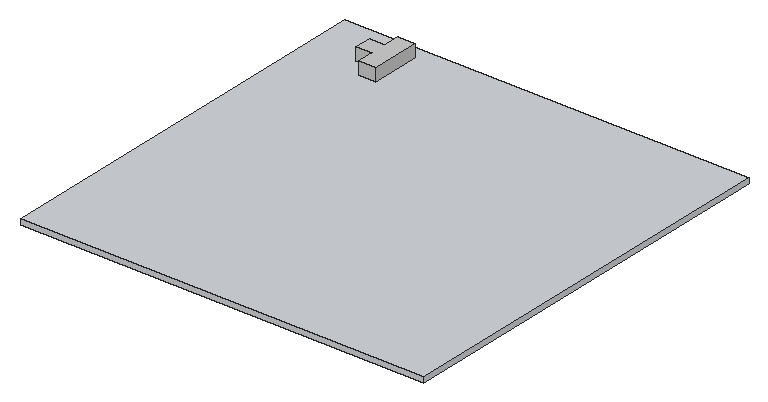
Revit family
Parameters (values of type "T Joiner/Feeder Left")
  URL = "www.lightingservicesinc.com/product.asp?productID=140"
  Type Comments = "Left"
  Suspension Length Note = "Distance from mounting surface to bottom of track"
  Suspension Length [instance] = 1' - 6"
  Surface Track Suspension Length Note = "for Surface Track, Suspension Length = 1 7/16\""
  Model Date = "26 March 2010"
  Model = "31X06"
  Mfr. Catalog # = ""
  Manufacturer = "Lighting Services Inc. "
  LSI Track Finish [instance] = LSI Track Finish
  Keynote = "26 55 59"
  Description = "120/250V 1 Ckt T Joiner/Feeder"
  Default Elevation = 4' - 0"
  Assembly Code = "D5020200"
Types (3): name | Type Comments | Model
  (no name) | "Left" | "31X06"
  T Joiner/Feeder Left | "Left" | "31X06"
  T Joiner/Feeder Right | "Right" | "31X07"
Reference planes (in)
  plane 1 "Center (Front/Back)": y = 0
  plane 2: z = 0
  plane 3 "Center (Left/Right)": x = 0
  plane 4: x = -2.59375
  plane 5: y = 2.5863
  plane 6: y = -2.5863
  plane 7: y = 0.90625
  plane 8: y = -0.90625
  plane 9: x = -0.90625
  plane 10: x = 0.90625
  plane 11: z = 16.6875
  plane 12: z = 18
Forms (in)
  Extrusion 1, solid
    sketch origin (0, 0, 0) x (1, 0, 0) y (0, 1, 0)
      loop
        line (-26.09375, 27.09375) -> (-26.09375, -15.91751) -> (16.59127, -15.91751) -> (16.59127, 27.09375) -> (-26.09375, 27.09375)
    from 0 to -0.5
  Extrusion 2, solid, material "LSI Track Finish" <- "LSI Track Finish", detail levels medium+fine
    sketch origin (0, 0, 0) x (1, 0, 0) y (0, 1, 0)
      loop
        line (-2.59375, 0.90625) -> (-2.59375, -0.90625) -> (-0.90625, -0.90625) -> (-0.90625, -2.5863) -> (0.90625, -2.5863) -> (0.90625, 2.5863) -> (-0.90625, 2.5863) -> (-0.90625, 0.90625) -> (-2.59375, 0.90625)
    from 16.6875 to 18
Dimensions and locks (in)
  locked: plane 12 to plane 11 at 1.3125
  "Suspension Length": plane 12 to plane 2
  equal spacing: plane 7, plane 1 "Center (Front/Back)", plane 8, locked at 0.90625 each
  locked: plane 7 to plane 8 at 1.8125
  equal spacing: plane 9, plane 3 "Center (Left/Right)", plane 10, locked at 0.90625 each
  locked: plane 9 to plane 10 at 1.8125
  equal spacing: plane 5, plane 1 "Center (Front/Back)", plane 6, locked at 2.5863 each
  locked: plane 5 to plane 6 at 5.1726
  aligned and locked: plane 2 to Extrusion 1
  aligned and locked: level to Extrusion 1
  aligned and locked: plane 12 to Extrusion 2
  aligned and locked: Extrusion 2 to plane 11
  aligned and locked: plane 1 "Center (Front/Back)" to nested 1
  aligned and locked: plane 3 "Center (Left/Right)" to nested 1
Automatic sketch dimensions
  Extrusion 1 sketch curve to Extrusion 1 sketch curve = 3' - 6.68502"
  Extrusion 1 sketch curve to Extrusion 1 sketch curve = 3' - 7.01126"
  Extrusion 2 sketch curve to plane 4 = 0' - 0"
  Extrusion 2 sketch curve to plane 6 = 0' - 0"
  Extrusion 2 sketch curve to plane 9 = 0' - 0"  (x2)
  Extrusion 2 sketch curve to plane 5 = 0' - 0"
  Extrusion 2 sketch curve to plane 8 = 0' - 0"
  Extrusion 2 sketch curve to plane 7 = 0' - 0"
  Extrusion 2 sketch curve to plane 10 = 0' - 0"
Nested families (in)
  nested 1: "LSI T Joiner Plan View Symbol" at (63.06131, -9.84847, 0), type "T"
Connectors (in)
  electrical at (-1.75, 0.90625, 17.34375)
    settings: on Extrusion 2, index 1
Definition of nested family "LSI T Joiner Plan View Symbol"
  Parameters (values of type "X")
    Assembly Code = ""
  Reference planes (in)
    plane 1 "Center (Front/Back)": y = 9.84847
    plane 2: z = 0
    plane 3 "Center (Left/Right)": x = -63.06131
    plane 4: y = 10.75472
    plane 5: y = 8.94222
    plane 6: x = -63.96756
    plane 7: x = -62.15506
    plane 8: x = -65.65506
    plane 9: y = 12.44222
    plane 10: y = 7.25472
  Lines and regions (in)
    detail lines, in view "Ref. Level"
      curve 1: line (-65.65506, 10.75472, 0) -> (-63.96756, 10.75472, 0)
      curve 2: line (-63.96756, 10.75472, 0) -> (-63.96756, 12.44222, 0)
      curve 3: line (-63.96756, 12.44222, 0) -> (-62.15506, 12.44222, 0)
      curve 4: line (-62.15506, 12.44222, 0) -> (-62.15506, 7.25472, 0)
      curve 5: line (-62.15506, 7.25472, 0) -> (-63.96756, 7.25472, 0)
      curve 6: line (-63.96756, 7.25472, 0) -> (-63.96756, 8.94222, 0)
      curve 7: line (-63.96756, 8.94222, 0) -> (-65.65506, 8.94222, 0)
      curve 8: line (-65.65506, 8.94222, 0) -> (-65.65506, 10.75472, 0)
  Dimensions and locks (in)
    locked: plane 4 to plane 5 at 1.8125
    equal spacing: plane 4, plane 1 "Center (Front/Back)", plane 5
    locked: plane 9 to plane 10 at 5.1875
    equal spacing: plane 6, plane 3 "Center (Left/Right)", plane 7
    locked: plane 6 to plane 7 at 1.8125
    locked: plane 8 to plane 3 "Center (Left/Right)" at 2.59375
    locked: plane 9 to plane 1 "Center (Front/Back)" at 2.59375
    aligned and locked: plane 5 to curve 7
    aligned and locked: plane 6 to curve 2
    aligned and locked: plane 6 to curve 6
    aligned and locked: curve 4 to plane 7
  Automatic sketch dimensions
    curve 1 to plane 8 = 0' - 0"
    curve 3 to plane 9 = 0' - 0"
    curve 5 to plane 10 = 0' - 0"
    curve 1 to plane 4 = 0' - 0"
